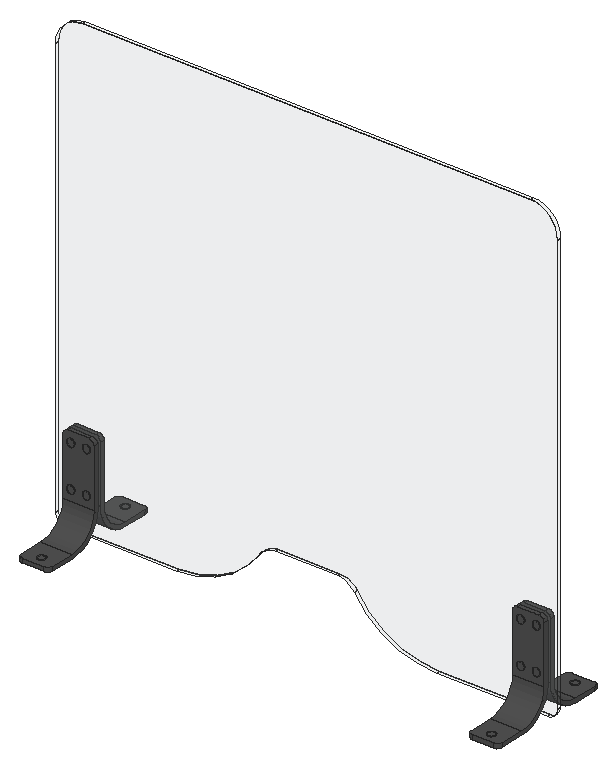
Revit family "Clarus_beShield_Front & Back Bolt Legs_R20", category Furniture, host Face, Revit 2020
Family settings
  Host = Face
  Cut with Voids When Loaded = No
  Shared = No
  Room Calculation Point = No
Parameters (values of type "48" x 44"")
  Window [instance] = yes
  Width = 48"
  URL = "https://www.clarus.com/"
  TRC Standards [instance] = "http://therevitcollection.com/news/trc-news-the-revit-collection-standards-explained/"
  Shield [instance] = not(Window)  # no
  Product URL = "https://www.clarus.com/be-shield/"
  More Revit Families! [instance] = "www.therevitcollection.com"
  Modeled By = "Commense Studio"  # constant formula
  Model = "be! Shield"  # constant formula
  Manufacturer = "Clarus"  # constant formula
  Leg Finish [instance] = Clarus Black
  Glass Depth = 3/8"
  Clarus Glass [instance] = Glass
  Description = "be! Shield is elegantly engineered to add a seamless layer of non-porous, antimicrobial tempered glass to ensure the health and safety of patrons and employees. It’s the perfect solution for the collaborative needs of your workspace."  # constant formula
  Height = 44"
  Designer = ""
  Depth = 12"  # constant formula
  Default Elevation = 0"
  Assembly Code = ""
Types (7): name | Width | Leg Finish | Height
  (no name) | 48" | Clarus Black | 44"
  36" x 24" | 36" | Clarus Black | 24"
  48" x 24" | 48" | Clarus White | 24"
  36" x 34" | 36" | Clarus White | 34"
  48" x 34" | 48" | Clarus Black | 34"
  36" x 44" | 36" | Clarus Black | 44"
  48" x 44" | 48" | Clarus Black | 44"
Reference planes (in)
  plane 1 "Center (Front/Back)": y = 0
  plane 2: z = 0
  plane 3 "Center (Left/Right)": x = 0
  plane 4 "L": x = -24
  plane 5 "R": x = 24
  plane 6 "B": y = 0.1875
  plane 7 "F": y = -0.1875
  plane 8: z = 44
  plane 9: x = 12.5
  plane 10: x = -12.5
  plane 11: z = 5.25
  plane 12: x = -21.5
  plane 13: x = 21.5
Forms (in)
  Extrusion 1, solid, material "Glass" <- "Clarus Glass", visible <- "Window"
    sketch origin (0, 0, 0) x (1, 0, 0) y (0, 0, 1)
      loop
        arc (-21.375, 44) -> (-23.23116, 43.23116) -> (-24, 41.375) r 2.625
        line (-24, 41.375) -> (-24, 1.25)
        arc (-24, 1.25) -> (-23.70711, 0.54289) -> (-23, 0.25) r 1
        line (-23, 0.25) -> (-12.42908, 0.25)
        arc (-12.42908, 0.25) -> (-7.99968, 1.34581) -> (-4.59213, 4.38043) r 9.5
        arc (-4.59213, 4.38043) -> (-3.87475, 5.0193) -> (-2.94225, 5.25) r 2
        line (-2.94225, 5.25) -> (2.94225, 5.25)
        arc (2.94225, 5.25) -> (3.87475, 5.0193) -> (4.59213, 4.38043) r 2
        arc (4.59213, 4.38043) -> (7.99968, 1.34581) -> (12.42908, 0.25) r 9.5
        line (12.42908, 0.25) -> (23, 0.25)
        arc (23, 0.25) -> (23.70711, 0.54289) -> (24, 1.25) r 1
        line (24, 1.25) -> (24, 41.375)
        arc (24, 41.375) -> (23.23116, 43.23116) -> (21.375, 44) r 2.625
        line (21.375, 44) -> (-21.375, 44)
    from -0.1875 to 0.1875
  Extrusion 2, solid, material "Glass" <- "Clarus Glass", visible <- "Shield"
    sketch origin (0, 0, 0) x (1, 0, 0) y (0, 0, 1)
      loop
        arc (-21.375, 44) -> (-23.23116, 43.23116) -> (-24, 41.375) r 2.625
        line (-24, 41.375) -> (-24, 1.25)
        arc (-24, 1.25) -> (-23.70711, 0.54289) -> (-23, 0.25) r 1
        line (-23, 0.25) -> (23, 0.25)
        arc (23, 0.25) -> (23.70711, 0.54289) -> (24, 1.25) r 1
        line (24, 1.25) -> (24, 41.375)
        arc (24, 41.375) -> (23.23116, 43.23116) -> (21.375, 44) r 2.625
        line (21.375, 44) -> (-21.375, 44)
    from -0.1875 to 0.1875
Dimensions and locks (in)
  equal spacing: plane 4 "L", plane 3 "Center (Left/Right)", plane 5 "R"
  "Width": plane 4 "L" to plane 5 "R"
  equal spacing: plane 7 "F", plane 1 "Center (Front/Back)", plane 6 "B"
  "Glass Depth": plane 7 "F" to plane 6 "B"
  "Height": plane 8 to level
  plane 10 to plane 3 "Center (Left/Right)" to plane 9 = 12 1/2", 12 1/2"
  plane 11 to level = 5 1/4"
  locked: plane 4 "L" to plane 12 at 2.5
  locked: plane 13 to plane 5 "R" at 2.5
  aligned and locked: plane 2 to host face
  aligned and locked: level to host face
  aligned and locked: Extrusion 1 sketch curve to plane 11
  aligned and locked: Extrusion 1 to plane 6 "B"
  aligned and locked: plane 7 "F" to Extrusion 1
  aligned and locked: nested 1 to plane 12
  aligned and locked: plane 13 to nested 2
  aligned and locked: plane 4 "L" to Extrusion 2 sketch curve
  aligned and locked: Extrusion 2 sketch curve to plane 5 "R"
  aligned and locked: Extrusion 2 sketch curve to plane 8
Automatic sketch dimensions
  host sketch curve to host sketch curve = 96"  (x2)
  Extrusion 1 sketch curve to plane 4 "L" = 0"
  Extrusion 1 sketch curve to plane 8 = 0"
  Extrusion 1 sketch curve to plane 5 "R" = 0"
  level to Extrusion 1 sketch curve = 1/4"  (x2)
  plane 4 "L" to Extrusion 1 sketch curve = 1"
  plane 4 "L" to Extrusion 1 sketch curve = 2 5/8"
  Extrusion 1 sketch curve to plane 3 "Center (Left/Right)" = 2.94225"
  plane 3 "Center (Left/Right)" to Extrusion 1 sketch curve = 2.94225"
  Extrusion 1 sketch curve to plane 9 = 0.07092"
  Extrusion 1 sketch curve to Extrusion 1 sketch curve = 2 5/8"
  Extrusion 1 sketch curve to plane 5 "R" = 1"
  Extrusion 1 sketch curve to plane 11 = 2"  (x2)
  plane 11 to Extrusion 1 sketch curve = 4 1/2"  (x2)
  Extrusion 1 sketch curve to plane 10 = 0.07092"
  level to Extrusion 2 sketch curve = 1/4"
  plane 4 "L" to Extrusion 2 sketch curve = 1"
  Extrusion 2 sketch curve to plane 12 = 1/8"
  Extrusion 2 sketch curve to plane 13 = 1/8"
  Extrusion 2 sketch curve to Extrusion 2 sketch curve = 1"
Nested families (in)
  nested 1: "Clarus_beShield_F&B Bolt_R18" at (-21.5, 0.5625, 0), Core Finish <- "Leg Finish", type "Front & Back"
    with TRC Standards "http://therevitcollection.com/news/trc-news-the-revit-collection-standards-explained/", More Revit Families! "www.therevitcollection.com", Core Finish Clarus Black
  nested 2: "Clarus_beShield_F&B Bolt_R18" at (21.5, 0.5625, 0), Core Finish <- "Leg Finish", type "Front & Back"
    with TRC Standards "http://therevitcollection.com/news/trc-news-the-revit-collection-standards-explained/", More Revit Families! "www.therevitcollection.com", Core Finish Clarus Black
Definition of nested family "Clarus_beShield_F&B Bolt_R18"
  Parameters (values of type "Front & Back")
    Width = 3"  # constant formula
    URL = "https://www.clarus.com/"
    TRC Standards [instance] = "http://therevitcollection.com/news/trc-news-the-revit-collection-standards-explained/"
    Product URL = "https://www.clarus.com/be-shield/"
    More Revit Families! [instance] = "www.therevitcollection.com"
    Modeled By = "Commense Studio"  # constant formula
    Model = "be! Shield"  # constant formula
    Manufacturer = "Clarus"  # constant formula
    D Control = Depth / 2  # 6"
    Core Finish [instance] = none
    Description = "be! Shield Leg Configs"  # constant formula
    Height = 9"  # constant formula
    Designer = ""
    Depth = 12"
    Default Elevation = 0"
    Assembly Code = ""
  Reference planes (in)
    plane 1 "Center (Front/Back)": y = 0
    plane 2: z = 0
    plane 3 "Center (Left/Right)": x = 0
    plane 4 "L": x = -1.5
    plane 5 "R": x = 1.5
    plane 6: z = 9
    plane 7: y = -0.375
    plane 8: y = -0.75
    plane 9: y = 5.4375
    plane 10 "cl": y = -0.5625
    plane 11: y = -6.5625
    plane 12: y = -1.125
    plane 13: y = -5.5625
    plane 14: y = -2.5625
    plane 15: y = -8.39063
    plane 16: y = -7.73438
  Forms (in)
    Extrusion 1, solid
      sketch origin (0, 0, 0) x (1, 0, 0) y (0, 1, 0)
        loop
          line (-48, 48) -> (-48, -48) -> (48, -48) -> (48, 48) -> (-48, 48)
      from 0 to -12
    Extrusion 2, solid, material <- "Core Finish"
      sketch origin (0, -0.75984, 0) x (1, 0, 0) y (0, 0, 1)
        loop
          arc (-1, 9) -> (-1.35355, 8.85355) -> (-1.5, 8.5) r 0.5
          line (-1.5, 8.5) -> (-1.5, 3.00001) -> (1.5, 3.00001) -> (1.5, 8.5)
          arc (1.5, 8.5) -> (1.35355, 8.85355) -> (1, 9) r 0.5
          line (1, 9) -> (-1, 9)
      from -0.00984 to 0.36516
    Extrusion 3, void
      sketch origin (0, 0, 0) x (1, 0, 0) y (0, 0, 1)
        loop
          circle (-0.75197, 8.00344) r 0.37503
        loop
          circle (-0.75197, 8.00344) r 0.3594
        loop
          circle (0.75197, 8.00344) r 0.37503
        loop
          circle (0.75197, 8.00344) r 0.3594
        loop
          circle (-0.75197, 4.00344) r 0.37503
        loop
          circle (-0.75197, 4.00344) r 0.3594
        loop
          circle (0.75197, 4.00344) r 0.37503
        loop
          circle (0.75197, 4.00344) r 0.3594
      from 0 to 2
    Extrusion 4, solid, material <- "Core Finish"
      sketch origin (10.61611, 0, 0) x (0, 0, 1) y (0, -1, 0)
        loop
          line (0.375, 3.75) -> (0.375, 6.5625) -> (0, 6.5625) -> (0, 3.75)
          arc (0, 3.75) -> (0.87868, 1.62868) -> (3, 0.75) r 3
          line (3, 0.75) -> (3, 1.125)
          arc (3, 1.125) -> (1.14385, 1.89384) -> (0.375, 3.75) r 2.625
        loop
          arc (0.375, -2.625) -> (1.14385, -0.76884) -> (3, 0) r 2.625
          line (3, 0) -> (3, 0.375)
          arc (3, 0.375) -> (0.87868, -0.50368) -> (0, -2.625) r 3
          line (0, -2.625) -> (0, -5.4375) -> (0.375, -5.4375) -> (0.375, -2.625)
      from -12.11611 to -9.11611
    Extrusion 5, solid, material <- "Core Finish"
      sketch origin (0, -0.75984, 0) x (1, 0, 0) y (0, 0, 1)
        loop
          arc (-1, 9) -> (-1.35355, 8.85355) -> (-1.5, 8.5) r 0.5
          line (-1.5, 8.5) -> (-1.5, 3.00001) -> (1.5, 3.00001) -> (1.5, 8.5)
          arc (1.5, 8.5) -> (1.35355, 8.85355) -> (1, 9) r 0.5
          line (1, 9) -> (-1, 9)
      from -0.75984 to -0.38484
    Extrusion 6, void
      sketch origin (0, 11.80266, 0) x (1, 0, 0) y (0, 1, 0)
        loop
          line (-1, -6.36516) -> (-1.5, -6.36516) -> (-1.5, -6.86516)
          arc (-1.5, -6.86516) -> (-1.35355, -6.5116) -> (-1, -6.36516) r 0.5
        loop
          arc (1, -6.36516) -> (1.35355, -6.5116) -> (1.5, -6.86516) r 0.5
          line (1.5, -6.86516) -> (1.5, -6.36516) -> (1, -6.36516)
        loop
          arc (-1, -18.36516) -> (-1.35355, -18.21871) -> (-1.5, -17.86516) r 0.5
          line (-1.5, -17.86516) -> (-1.5, -18.36516) -> (-1, -18.36516)
        loop
          line (1, -18.36516) -> (1.5, -18.36516) -> (1.5, -17.86516)
          arc (1.5, -17.86516) -> (1.35355, -18.21871) -> (1, -18.36516) r 0.5
      from 0 to 0.5
    Extrusion 7, void
      sketch origin (0, 0, 0) x (1, 0, 0) y (0, 1, 0)
        loop
          circle (0, -5.5625) r 0.37503
        loop
          circle (0, -5.5625) r 0.3594
        loop
          circle (0, 4.4375) r 0.37503
        loop
          circle (0, 4.4375) r 0.3594
      from 0 to 0.5
  Cuts and joins
    Extrusion 3, Extrusion 7 cuts Extrusion 2
    Extrusion 6, Extrusion 7 cuts Extrusion 4
    Extrusion 3, Extrusion 7 cuts Extrusion 5
    joined: Extrusion 2, Extrusion 4, Extrusion 5
  Dimensions and locks (in)
    equal spacing: plane 4 "L", plane 3 "Center (Left/Right)", plane 5 "R"
    "Width": plane 4 "L" to plane 5 "R"
    "Height": plane 6 to level
    plane 8 to plane 7 to plane 1 "Center (Front/Back)" = 3/8" locked, 3/8"
    "D Control": plane 10 "cl" to plane 9
    "D Control": plane 10 "cl" to plane 11
    plane 11 to plane 13 to plane 14 = 1" locked, 3" locked
    aligned and locked: plane 2 to Extrusion 1
    aligned and locked: level to Extrusion 1
    aligned and locked: Extrusion 5 to plane 1 "Center (Front/Back)"
    aligned and locked: plane 7 to Extrusion 5
    aligned and locked: cut or joined group of Extrusion 2, Extrusion 3, Extrusion 4, Extrusion 5, Extrusion 6, Extrusion 7 to plane 8
    aligned and locked: plane 12 to cut or joined group of Extrusion 2, Extrusion 3, Extrusion 4, Extrusion 5, Extrusion 6, Extrusion 7
  Automatic sketch dimensions
    Extrusion 1 sketch curve to Extrusion 1 sketch curve = 96"  (x2)
    Extrusion 2 sketch curve to plane 4 "L" = 0"
    Extrusion 2 sketch curve to plane 6 = 0"
    Extrusion 2 sketch curve to plane 5 "R" = 0"
    plane 4 "L" to Extrusion 2 sketch curve = 1/2"
    Extrusion 2 sketch curve to plane 5 "R" = 1/2"
    level to Extrusion 2 sketch curve = 3"
    Extrusion 3 sketch curve to Extrusion 3 sketch curve = 0"  (x9)
    plane 4 "L" to Extrusion 3 sketch curve = 0.74803"  (x2)
    Extrusion 3 sketch curve to plane 5 "R" = 0.74803"  (x2)
    level to Extrusion 3 sketch curve = 4.00344"
    Extrusion 3 sketch curve to plane 6 = 0.99656"  (x2)
    Extrusion 4 sketch curve to plane 9 = 0"
    Extrusion 4 sketch curve to plane 11 = 0"
    Extrusion 4 sketch curve to plane 12 = 0"
    Extrusion 4 sketch curve to plane 1 "Center (Front/Back)" = 0"
    level to Extrusion 4 sketch curve = 0"  (x2)
    Extrusion 4 sketch curve to Extrusion 4 sketch curve = 3/8"  (x2)
    level to Extrusion 4 sketch curve = 3"
    Extrusion 4 sketch curve to Extrusion 4 sketch curve = 2 5/8"
    Extrusion 4 sketch curve to plane 1 "Center (Front/Back)" = 2 5/8"
    Extrusion 4 sketch curve to Extrusion 4 sketch curve = 0"  (x4)
    plane 8 to Extrusion 4 sketch curve = 0"
    Extrusion 5 sketch curve to plane 4 "L" = 0"
    Extrusion 5 sketch curve to plane 6 = 0"
    Extrusion 5 sketch curve to plane 5 "R" = 0"
    plane 4 "L" to Extrusion 5 sketch curve = 1/2"
    Extrusion 5 sketch curve to plane 5 "R" = 1/2"
    level to Extrusion 5 sketch curve = 3"
    Extrusion 6 sketch curve to plane 4 "L" = 0"  (x4)
    plane 9 to Extrusion 6 sketch curve = 0"  (x2)
    Extrusion 6 sketch curve to plane 11 = 0"  (x2)
    Extrusion 6 sketch curve to plane 5 "R" = 0"  (x4)
    plane 4 "L" to Extrusion 6 sketch curve = 1/2"  (x2)
    Extrusion 6 sketch curve to Extrusion 6 sketch curve = 1/2"  (x2)
    Extrusion 6 sketch curve to Extrusion 6 sketch curve = 0"  (x8)
    Extrusion 7 sketch curve to Extrusion 7 sketch curve = 0"  (x4)
    Extrusion 7 sketch curve to plane 3 "Center (Left/Right)" = 0"  (x2)
    plane 13 to Extrusion 7 sketch curve = 0"
    plane 9 to Extrusion 7 sketch curve = 1"
    radius of Extrusion 3 sketch curve = 0.37503"  (x4)
    radius of Extrusion 3 sketch curve = 0.3594"  (x4)
    radius of Extrusion 7 sketch curve = 0.37503"  (x2)
    radius of Extrusion 7 sketch curve = 0.3594"  (x2)
